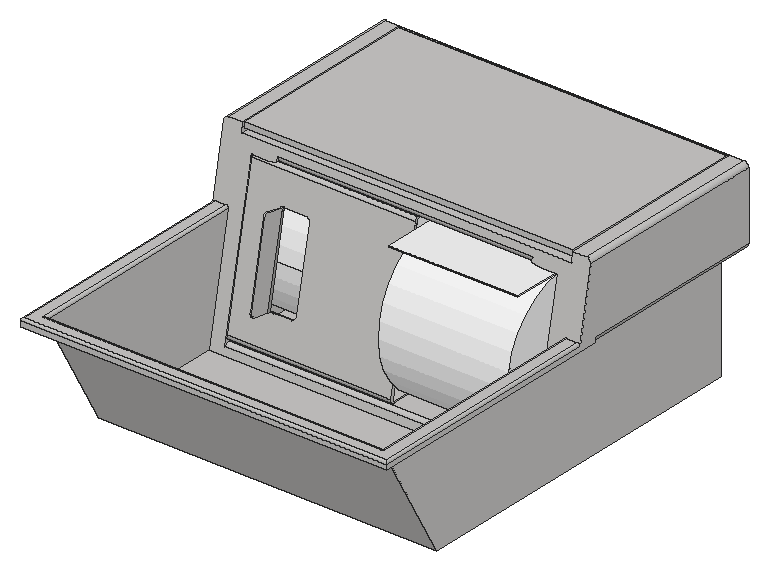
Revit family "PRD_FrankeWS_TltRllHldrs_EXOSDoubleToiletRollHolder_EXOS676EX_676EB_676EW", category Specialty Equipment, host Face, Revit 2018
Family settings
  Host = Face
  Round Connector Dimension = Use Diameter
  Part Type = Normal
  OmniClass Number = 23.40.20.21.21
  OmniClass Title = Toilet Paper Dispensers
  Cut with Voids When Loaded = No
  Shared = No
  Room Calculation Point = No
Parameters (values of type "EXOS676EX")
  WarrantyStartDate [instance] = "1900-12-31T23:59:59"
  WarrantyGuarantorParts = "n/a"
  WarrantyGuarantorLabor = "n/a"
  WarrantyDurationUnit = "year"
  WarrantyDurationParts = "n/a"
  WarrantyDurationLabor = "n/a"
  WarrantyDescription = "n/a"
  Version = "1"
  Uniclass2015Version = "Products v1.17"
  Uniclass2015Title = "Toilet roll holders"
  Uniclass2015Code = "Pr_40_20_76_88"
  URL = "www.kwc.com"
  TypeOfMounting = "Recessed mounting"
  TypeOfFixing = "Screw"
  ToiletRollMaterial = PRD_AR_ToiletRoll
  TailorMade = "No"
  TagNumber [instance] = "n/a"
  SustainabilityPerformance = "n/a"
  SurfaceTreatment = "InoxPlus (anti fingerprint)"
  Style = "Roll holder"
  Spindle = "Yes"
  Size = "284 x 350 x 147 mm"
  Shape = "n/a"
  SerialNumber [instance] = "n/a"
  Revision = "n/a"
  ReplacementCost = "n/a"
  ProductInformation = "https://pim.kwc.com/product/2030034642/attachment/datasheet?locale=en"
  PanelMaterial = PRD_AR_StainlessSteel_SatinFinished
  NominalWidth = 284.00 mm
  NominalHeight = 350.00 mm
  NominalDepth = 147.00 mm
  NetWeight = 5.29 kg
  Name = "Double toilet roll holder EXOS676EX"
  NBSTypeID = "n/a"
  NBSReference = "45-35-72/368"
  NBSOfficeMasterTag = "n/a"
  NBSNote = "n/a"
  NBSDescription = "Toilet roll holders"
  NBSCertification = "n/a"
  ModelReference = "EXOS676EX"
  ModelNumber = "2030034642"
  Model = ModelReference  # "EXOS676EX"
  MaximumWidthOfConsumable = "100.00 mm"
  MaximumDepthDiameterOfConsumable = "120.00 mm"
  MaterialThickness = "1.20 mm"
  MaterialCode = "1.4301"
  Material = "stainless steel"
  ManufacturerURL = "www.kwc.com"
  ManufacturerName = "KWC Group AG"  # constant formula
  Manufacturer = ManufacturerName  # "KWC Group AG"
  MainColor = "stainless steel"
  Lock = "Key-lock"
  IsBuiltIn = "TRUE"
  IntegralAccessories = "incl. mounting materials"
  InstallationDate [instance] = "1900-12-31T23:59:59"
  IfcExportType = "USERDEFINED"
  IfcExportAs = "IfcFurnitureType"
  GrossWeight = 6.29 kg
  Grade = "n/a"
  Finish = "satin finished"
  FillingQuantityUom = "Rolls"
  FillingQuantity = "2"
  Features = "stainless steel, surface satin finished"
  ExpectedLife = "n/a"
  DurationUnit = "year"
  DispenserMaterial = PRD_AR_StainlessSteel_SatinFinished
  Description = "Double toilet roll holder with spindle system for recessed mounting, stainless steel with satin finish and InoxPlus surface refinement for the reduction of finger marks and better cleaning characteristics (easy to clean), material thickness 1.2 mm, closed casing, for two rolls with a maximum diameter of 120 mm, when the first roll is used up, the hidden spare roll is released by sliding the bottom cover on the opposite side, includes mounting materials."
  Default Elevation = 1200.00 mm
  CreatedOn = "05/2020"  # constant formula
  Constituents = "n/a"
  Color = "n/a"
  CodePerformance = "n/a"
  Category = "Pr_40_20_76_88, Toilet roll holders"
  BarCode [instance] = "n/a"
  BIMObjectName = "PRD_AR_ToiletRollHolders_EXOSDoubleToiletRollHolder_EXOS676EX"
  Author = "Archispace"  # constant formula
  AssetType = "Fixed"
  AssetIdentifier [instance] = "n/a"
  AccessibilityPerformance = "n/a"
Types (3, lengths in mm): name | ProductInformation | PanelMaterial | NetWeight | Name | ModelReference | ModelNumber | Model | GrossWeight | Description | BIMObjectName
  EXOS676EX | "https://pim.kwc.com/product/2030034642/attachment/datasheet?locale=en" | PRD_AR_StainlessSteel_SatinFinished | 5.29 kg | "Double toilet roll holder EXOS676EX" | "EXOS676EX" | "2030034642" | "EXOS676EX" | 6.29 kg | "Double toilet roll holder with spindle system for recessed mounting, stainless steel with satin finish and InoxPlus surface refinement for the reduction of finger marks and better cleaning characteristics (easy to clean), material thickness 1.2 mm, closed casing, for two rolls with a maximum diameter of 120 mm, when the first roll is used up, the hidden spare roll is released by sliding the bottom cover on the opposite side, includes mounting materials." | "PRD_AR_ToiletRollHolders_EXOSDoubleToiletRollHolder_EXOS676EX"
  EXOS676EB | "https://pim.kwc.com/product/2030034644/attachment/datasheet?locale=en" | PRD_AR_Glass_Black | 5.56 kg | "Double toilet roll holder EXOS676EB" | "EXOS676EB" | "2030034644" | "EXOS676EB" | 6.56 kg | "Double toilet roll holder with spindle system for recessed mounting, stainless steel with satin finish, black safety glass front panel and casing with InoxPlus surface refinement for the reduction of finger marks and better cleaning characteristics (easy to clean), material thickness 1.2 mm, closed casing, for two rolls with a maximum diameter of 120 mm, when the first roll is used up, the hidden spare roll is released by sliding the bottom cover on the opposite side, includes mounting materials." | "PRD_AR_ToiletRollHolders_EXOSDoubleToiletRollHolder_EXOS676EB"
  EXOS676EW | "https://pim.kwc.com/product/2030034669/attachment/datasheet?locale=en" | PRD_AR_Glass_White | 5.56 kg | "Double toilet roll holder EXOS676EW" | "EXOS676EW" | "2030034669" | "EXOS676EW" | 6.56 kg | "Double toilet roll holder with spindle system for recessed mounting, stainless steel with satin finish, white safety glass front panel and casing with InoxPlus surface refinement for the reduction of finger marks and better cleaning characteristics (easy to clean), material thickness 1.2 mm, closed casing, for two rolls with a maximum diameter of 120 mm, when the first roll is used up, the hidden spare roll is released by sliding the bottom cover on the opposite side, includes mounting materials." | "PRD_AR_ToiletRollHolders_EXOSDoubleToiletRollHolder_EXOS676EW"
Reference planes
  plane 1 "Center (Front/Back)": y = 0
  plane 2: z = 0
  plane 3 "Center (Left/Right)": x = 0
Forms (mm)
  Extrusion 1, void
    sketch origin (0, 0, 0) x (0, 1, 0) y (0, 0, 1)
      loop
        line (162.5, 0) -> (-162.5, 0) -> (-112.5, -87) -> (162.5, -87) -> (162.5, 0)
    from -131 to 131
Dimensions and locks
  aligned and locked: plane 2 to host face
  aligned and locked: level to host face
Nested families
  nested 1: "EXOS676E" at (0, 0, -87), type "EXOS676E"
Definition of nested family "EXOS676E"
  Parameters (values of type "EXOS676E")
    ToiletRollMaterial = none
    Material = none
    FrontMaterial = none
  Reference planes
    plane 1 "Center (Front/Back)": y = 0
    plane 2: z = 0
    plane 3 "Center (Left/Right)": x = 0
    plane 4: z = 147
    plane 5: through (0, 16.776, 117.008) normal (0, -0.9791, 0.2032)
    plane 6: y = 11.795
  Forms (mm)
    Extrusion 1, solid, material <- "Material", detail levels fine
      sketch origin (0, 0, 0) x (1, 0, 0) y (0, 0, 1)
        loop
          line (-142, 87) -> (142, 87) -> (142, 143.5)
          arc (142, 143.5) -> (140.975, 145.975) -> (138.5, 147) r 3.5
          line (138.5, 147) -> (-138.5, 147)
          arc (-138.5, 147) -> (-140.975, 145.975) -> (-142, 143.5) r 3.5
          line (-142, 143.5) -> (-142, 87)
      from -175 to 7.501
    Extrusion 2, void
      sketch origin (0, 0, 0) x (0, 1, 0) y (0, 0, 1)
        loop
          line (-7.501, 0) -> (23.061, 147.3) -> (-7.501, 147.3) -> (-7.501, 0)
      from -150 to 150
    Extrusion 3, void
      sketch origin (0, 0, -63) x (1, 0, 0) y (0, 0, 1)
        loop
          line (128, 210) -> (-128, 210) -> (-128, 203) -> (128, 203) -> (128, 210)
      from -173.5 to 7.501
    Extrusion 4, solid, material <- "FrontMaterial", detail levels medium+fine
      sketch origin (0, 0, -63) x (1, 0, 0) y (0, 0, 1)
        loop
          line (-127, 206.3) -> (127, 206.3) -> (127, 210.3) -> (-127, 210.3) -> (-127, 206.3)
      from -172.5 to -23.499
    Revolve 5, solid, material <- "Material", detail levels fine
      sketch origin (0, -37.5, 121.5) x (1, 0, 0) y (0, 1, 0)
        loop
          line (0, 212.5) -> (10, 212.5) -> (10, 215.266)
          arc (10, 215.266) -> (9.414, 216.68) -> (8, 217.266) r 2
          line (8, 217.266) -> (6.324, 217.266)
          arc (6.324, 217.266) -> (5.966, 217.585) -> (5.5, 217.7) r 1
          line (5.5, 217.7) -> (0, 217.7) -> (0, 212.5)
        axis (0, 217.7) -> (0, 212.5)
      angle from 0 to 360
    Extrusion 6, void
      sketch origin (0, 0, 0) x (1, 0, 0) y (0, 0, 1)
        loop
          line (-118.5, 7) -> (118.5, 7) -> (118.5, 130) -> (104.8, 130) -> (98.8, 131) -> (98.8, 134) -> (-98.8, 134) -> (-98.8, 131) -> (-104.8, 130) -> (-118.5, 130) -> (-118.5, 7)
      from -161.3 to 7.501
    Extrusion 7, solid, material <- "Material", detail levels fine
      sketch origin (0, 83.999, 0) x (0, 1, 0) y (0, 0, 1)
        loop
          line (-66.73, 9.7) -> (-86.73, 9.7)
          arc (-86.73, 9.7) -> (-88.869, 8.94) -> (-90.048, 7) r 3.388
          line (-90.048, 7) -> (-66.73, 7) -> (-66.73, 9.7)
      from -118.5 to 118.5
    Extrusion 8, solid, material <- "Material", detail levels fine
      sketch origin (0, 83.999, 0) x (0, 1, 0) y (0, 0, 1)
        loop
          arc (-63.675, 134.109) -> (-63.051, 131.59) -> (-60.695, 130.5) r 3
          line (-60.695, 130.5) -> (-59.695, 130.5) -> (-59.695, 136.874) -> (-63.101, 136.874) -> (-63.675, 134.109)
      from -98.5 to 98.5
    Extrusion 9, solid, material <- "Material", detail levels fine
      sketch origin (0, 83.999, 0) x (0, 1, 0) y (0, 0, 1)
        loop
          line (-65.023, 127.609) -> (-88.531, 14.309)
          arc (-88.531, 14.309) -> (-87.92, 11.806) -> (-85.594, 10.7) r 3
          line (-85.594, 10.7) -> (-60.5, 10.7) -> (-60.5, 11.9) -> (-85.594, 11.9)
          arc (-85.594, 11.9) -> (-86.99, 12.564) -> (-87.356, 14.066) r 1.8
          line (-87.356, 14.066) -> (-63.848, 127.366)
          arc (-63.848, 127.366) -> (-63.222, 128.396) -> (-62.086, 128.8) r 1.8
          line (-62.086, 128.8) -> (-60.5, 128.8) -> (-60.5, 130) -> (-62.086, 130)
          arc (-62.086, 130) -> (-63.979, 129.327) -> (-65.023, 127.609) r 3
      from -118.5 to 9
    Extrusion 10, void
      sketch origin (0, 22.999, 147) x (0, -0.203156, -0.979146) y (1, 0, 0)
        loop
          line (110.631, -92) -> (110.631, -72.5)
          arc (110.631, -72.5) -> (109.459, -69.672) -> (106.631, -68.5) r 4
          line (106.631, -68.5) -> (46.631, -68.5)
          arc (46.631, -68.5) -> (43.802, -69.672) -> (42.631, -72.5) r 4
          line (42.631, -72.5) -> (42.631, -92) -> (110.631, -92)
      from -1.2 to 0
    Extrusion 11, solid, material <- "ToiletRollMaterial", detail levels fine
      sketch origin (0, 84, 0) x (0, 1, 0) y (0, 0, 1)
        loop
          arc (-58.265, 127.2) -> (-43.601, 8.2) -> (-48.5, 128) r 60
          line (-48.5, 128) -> (-98.5, 128) -> (-98.5, 127.2) -> (-58.265, 127.2)
      from 15 to 115
    Extrusion 12, solid, material <- "ToiletRollMaterial", detail levels fine
      sketch origin (0, 119, 0) x (0, 1, 0) y (0, 0, 1)
        loop
          circle (-48.5, 68) r 60
      from -15 to -115
    Extrusion 13, solid, material <- "Material", detail levels fine
      sketch origin (0, 0, 0) x (0, 1, 0) y (0, 0, 1)
        loop
          line (162.5, 0) -> (162.5, 87) -> (-162.5, 87) -> (-112.5, 0) -> (162.5, 0)
      from -131 to 131
    Extrusion 14, solid, material <- "Material", detail levels fine
      sketch origin (0, 0, 0) x (1, 0, 0) y (0, 1, 0)
        loop
          line (-142, -175) -> (142, -175) -> (142, 11.795) -> (130, 11.795) -> (130, -169.114) -> (-130, -169.114) -> (-130, 11.795) -> (-142, 11.795) -> (-142, -175)
      from 87 to 93
    Extrusion 15, solid, material <- "Material", detail levels fine
      sketch origin (0, 18.072, 17.607) x (0, 0.979146, -0.203156) y (-1, 0, 0)
        loop
          line (-23.662, 89.8) -> (-40.462, 89.8) -> (-40.462, 88.6) -> (-23.662, 88.6)
          arc (-23.662, 88.6) -> (-21.258, 89.596) -> (-20.262, 92) r 3.4
          line (-20.262, 92) -> (-21.462, 92)
          arc (-21.462, 92) -> (-22.107, 90.444) -> (-23.662, 89.8) r 2.2
      from 17.065 to 85.065
    Extrusion 16, void
      sketch origin (0, 83.999, 0) x (0, 1, 0) y (0, 0, 1)
        loop
          line (-102.079, 42.536) -> (-99.142, 41.927)
          arc (-99.142, 41.927) -> (-101.04, 43.218) -> (-101.47, 45.474) r 3
          line (-101.47, 45.474) -> (-102.079, 42.536)
        loop
          line (-88.264, 109.118) -> (-88.874, 106.181)
          arc (-88.874, 106.181) -> (-87.583, 108.079) -> (-85.327, 108.509) r 3
          line (-85.327, 108.509) -> (-88.264, 109.118)
      from -92 to -85.499
    Extrusion 17, void
      sketch origin (0, 0, 0) x (0, 1, 0) y (0, 0, 1)
        loop
          line (-161.114, 86.996) -> (-111.806, 1.2) -> (161.3, 1.2) -> (161.3, 86.996) -> (-161.114, 86.996)
      from -130 to 130
    Extrusion 18, solid, material <- "Material", detail levels fine
      sketch origin (0, 0, 0) x (0, 1, 0) y (0, 0, 1)
        loop
          line (161.3, 87) -> (10.55, 87) -> (-7.252, 1.2) -> (161.3, 1.2) -> (161.3, 87)
      from -130 to 130
    Extrusion 19, void
      sketch origin (0, 0, 0) x (1, 0, 0) y (0, 0, 1)
        loop
          line (142, 87) -> (142, 90.5)
          arc (142, 90.5) -> (140.975, 88.025) -> (138.5, 87) r 3.5
          line (138.5, 87) -> (142, 87)
        loop
          line (-142, 87) -> (-138.5, 87)
          arc (-138.5, 87) -> (-140.975, 88.025) -> (-142, 90.5) r 3.5
          line (-142, 90.5) -> (-142, 87)
      from -175 to -26
    Sweep 20, void
      path in 3D
        loop
          line (-142, 11.795, 93) -> (-142, -175, 93) -> (142, -175, 93) -> (142, 11.795, 93)
      profile origin (-142, -81.602, 93) x (1, 0, 0) y (0, 0, 1)
        loop
          line (0, 0) -> (0, -2)
          arc (0, -2) -> (0.586, -0.586) -> (2, 0) r 2
          line (2, 0) -> (0, 0)
    Extrusion 21, void
      sketch origin (0, 0, 0) x (1, 0, 0) y (0, 0, 1)
        loop
          line (-130, 93) -> (-132, 93)
          arc (-132, 93) -> (-130.586, 92.414) -> (-130, 91) r 2
          line (-130, 91) -> (-130, 93)
        loop
          line (130, 93) -> (130, 91)
          arc (130, 91) -> (130.586, 92.414) -> (132, 93) r 2
          line (132, 93) -> (130, 93)
      from -11.795 to 169.114
    Extrusion 22, solid, material <- "Material", detail levels fine
      sketch origin (0, 0, 0) x (0, 1, 0) y (0, 0, 1)
        loop
          arc (-163.988, 91.997) -> (-164.72, 92.731) -> (-165.722, 93) r 2
          line (-165.722, 93) -> (-169.114, 93) -> (-169.114, 86.996) -> (-161.114, 86.996) -> (-163.988, 91.997)
      from -135.607 to 135.451
    Revolve 23, solid, material <- "Material", detail levels medium
      sketch origin (0, -37.5, 121.5) x (1, 0, 0) y (0, 1, 0)
        loop
          line (0, 212.5) -> (10, 212.5) -> (10, 217.7) -> (0, 217.7) -> (0, 212.5)
        axis (0, 217.7) -> (0, 212.5)
      angle from 0 to 360
    Extrusion 24, solid, material <- "Material", detail levels medium
      sketch origin (0, 0, 0) x (1, 0, 0) y (0, 1, 0)
        loop
          line (-142, -175) -> (142, -175) -> (142, 11.795) -> (130, 11.795) -> (130, -169.114) -> (-130, -169.114) -> (-130, 11.795) -> (-142, 11.795) -> (-142, -175)
      from 87 to 93
    Extrusion 25, solid, material <- "Material", detail levels medium
      sketch origin (0, 0, 0) x (0, 1, 0) y (0, 0, 1)
        loop
          line (-164.564, 93) -> (-169.114, 93) -> (-169.114, 86.996) -> (-161.114, 86.996) -> (-164.564, 93)
      from -135.607 to 135.451
    Extrusion 26, solid, material <- "Material", detail levels medium
      sketch origin (0, 0, 0) x (0, 1, 0) y (0, 0, 1)
        loop
          line (162.5, 0) -> (162.5, 87) -> (-162.5, 87) -> (-112.5, 0) -> (162.5, 0)
      from -131 to 131
    Extrusion 27, solid, material <- "Material", detail levels medium
      sketch origin (0, 0, 0) x (1, 0, 0) y (0, 0, 1)
        loop
          line (-142, 87) -> (142, 87) -> (142, 147) -> (-142, 147) -> (-142, 87)
      from -175 to 7.501
    Extrusion 28, solid, material <- "Material", detail levels medium
      sketch origin (0, 0, 0) x (0, 1, 0) y (0, 0, 1)
        loop
          line (14.338, 105.258) -> (-4.265, 109.118) -> (-18.08, 42.536) -> (0.524, 38.676) -> (14.338, 105.258)
      from -89.8 to -88.6
    Extrusion 29, solid, material <- "ToiletRollMaterial", detail levels medium
      sketch origin (0, 84, 0) x (0, 1, 0) y (0, 0, 1)
        loop
          arc (-65.45, 125.556) -> (-107.249, 80.189) -> (-86.949, 21.938) r 60
          line (-86.949, 21.938) -> (-65.45, 125.556)
      from 15 to 115
    Extrusion 30, solid, material <- "Material", detail levels medium
      sketch origin (0, 0, 0) x (0, 1, 0) y (0, 0, 1)
        loop
          line (161.3, 87) -> (10.55, 87) -> (-7.252, 1.2) -> (161.3, 1.2) -> (161.3, 87)
      from -130 to 130
    Extrusion 31, solid, material <- "Material", detail levels coarse
      sketch origin (0, 0, 0) x (0, 1, 0) y (0, 0, 1)
        loop
          line (162.5, 0) -> (162.5, 87) -> (-162.5, 87) -> (-112.5, 0) -> (162.5, 0)
      from -131 to 131
    Extrusion 32, solid, material <- "Material", detail levels coarse
      sketch origin (0, 0, 0) x (1, 0, 0) y (0, 1, 0)
        loop
          line (-142, -175) -> (142, -175) -> (142, 11.795) -> (-142, 11.795) -> (-142, -175)
      from 87 to 93
    Extrusion 33, solid, material <- "Material", detail levels coarse
      sketch origin (0, 0, 0) x (0, 1, 0) y (0, 0, 1)
        loop
          line (175, 87) -> (175, 147) -> (22.999, 147) -> (10.55, 87) -> (175, 87)
      from -142 to 142
  Cuts and joins
    Extrusion 2, Extrusion 3, Extrusion 6, Extrusion 19 cuts Extrusion 1
    Extrusion 16, Extrusion 17 cuts Extrusion 13
    Sweep 20, Extrusion 21 cuts Extrusion 14
    Extrusion 6 cuts Extrusion 18
    joined: Extrusion 1, Extrusion 7, Extrusion 8, Extrusion 13, Extrusion 14, Extrusion 18, Extrusion 22
    Extrusion 2 cuts Extrusion 4
    Extrusion 10, Extrusion 16 cuts Extrusion 9
    Extrusion 16 cuts Extrusion 15
    Extrusion 17 cuts Extrusion 26
    joined: Extrusion 24, Extrusion 25, Extrusion 26
    Extrusion 2, Extrusion 3 cuts Extrusion 27
    joined: Extrusion 27, Extrusion 30
  Lines and regions (mm)
    sketch lines
      curve 1: line (-142, 11.795, 93) -> (-142, -175, 93)
      curve 2: line (-142, -175, 93) -> (142, -175, 93)
      curve 3: line (142, -175, 93) -> (142, 11.795, 93)
  Dimensions and locks
    plane 4 to level = 147.00 mm
    aligned and locked: level to plane 2
